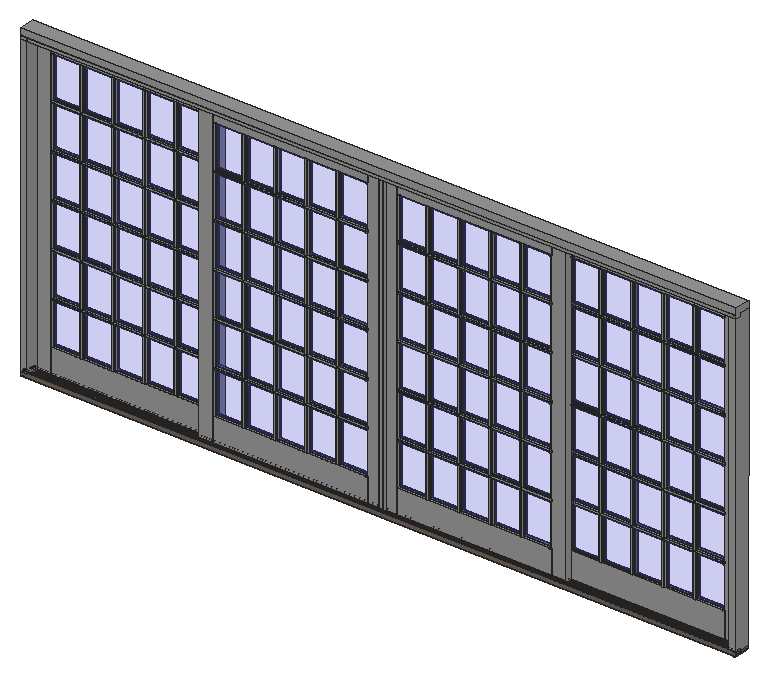
Revit family "VSDA4.8SPCO", category Doors, host Wall, Revit 2015
Parameters (values of type "VSDA4.8SPCO")
  Function = Interior
  Frame Projection Ext. = 25 mm
  Frame Projection Int. = 25 mm
  Frame Width = 75 mm
  Height = 2100 mm
  Wall Closure = By host
  Width = 4810 mm
Reference planes
  plane 1: y = 0
  plane 2 "Center (Left/Right)": x = 0
  plane 3 "Left": x = -2405
  plane 4 "Right": x = 2405
  plane 5: z = 2100
  plane 6 "Exterior": y = 75
  plane 7 "Interior": y = -75
Forms (mm)
  Extrusion 1, solid, material "Aluminium Cill (Bronze)"
    sketch origin (0, 79.18, -119.746) x (0, 1, 0) y (0, 0, 1)
      loop
        line (-26.68, 120.746) -> (-26.68, 135.746)
        arc (-26.68, 135.746) -> (-27.558, 137.867) -> (-29.68, 138.746) r 3
        line (-29.68, 138.746) -> (-40.947, 138.746)
        arc (-40.947, 138.746) -> (-42.68, 137.746) -> (-44.412, 138.746) r 2
        line (-44.412, 138.746) -> (-48.947, 138.746)
        arc (-48.947, 138.746) -> (-50.68, 137.746) -> (-52.412, 138.746) r 2
        line (-52.412, 138.746) -> (-56.947, 138.746)
        arc (-56.947, 138.746) -> (-58.68, 137.746) -> (-60.412, 138.746) r 2
        line (-60.412, 138.746) -> (-67.18, 138.746) -> (-67.18, 135.246)
        arc (-67.18, 135.246) -> (-67.619, 134.185) -> (-68.68, 133.746) r 1.5
        line (-68.68, 133.746) -> (-73.43, 133.746) -> (-73.43, 135.746) -> (-71.996, 135.746)
        arc (-71.996, 135.746) -> (-74.68, 138.746) -> (-77.363, 135.746) r 2.7
        line (-77.363, 135.746) -> (-75.93, 135.746) -> (-75.93, 133.746) -> (-80.68, 133.746)
        arc (-80.68, 133.746) -> (-81.74, 134.185) -> (-82.18, 135.246) r 1.5
        line (-82.18, 135.246) -> (-82.18, 138.746) -> (-90.432, 138.746) -> (-98.68, 138.746) -> (-98.68, 143.746)
        arc (-98.68, 143.746) -> (-99.18, 144.246) -> (-99.68, 143.746) r 0.5
        line (-99.68, 143.746) -> (-99.68, 142.734) -> (-100.88, 142.734) -> (-100.88, 150.246) -> (-99.68, 150.246) -> (-99.68, 149.246)
        arc (-99.68, 149.246) -> (-99.18, 148.746) -> (-98.68, 149.246) r 0.5
        line (-98.68, 149.246) -> (-98.68, 150.746)
        arc (-98.68, 150.746) -> (-98.972, 151.453) -> (-99.68, 151.746) r 1
        line (-99.68, 151.746) -> (-109.447, 151.746)
        arc (-109.447, 151.746) -> (-111.18, 150.746) -> (-112.912, 151.746) r 2
        line (-112.912, 151.746) -> (-117.447, 151.746)
        arc (-117.447, 151.746) -> (-119.18, 150.746) -> (-120.912, 151.746) r 2
        line (-120.912, 151.746) -> (-130.68, 151.746)
        arc (-130.68, 151.746) -> (-131.387, 151.453) -> (-131.68, 150.746) r 1
        line (-131.68, 150.746) -> (-131.68, 120.746)
        arc (-131.68, 120.746) -> (-131.387, 120.039) -> (-130.68, 119.746) r 1
        line (-130.68, 119.746) -> (-27.68, 119.746)
        arc (-27.68, 119.746) -> (-26.972, 120.039) -> (-26.68, 120.746) r 1
      loop
        line (-29.68, 137.246) -> (-40.23, 137.246)
        arc (-40.23, 137.246) -> (-42.68, 136.246) -> (-45.129, 137.246) r 3.5
        line (-45.129, 137.246) -> (-48.23, 137.246)
        arc (-48.23, 137.246) -> (-50.68, 136.246) -> (-53.129, 137.246) r 3.5
        line (-53.129, 137.246) -> (-56.23, 137.246)
        arc (-56.23, 137.246) -> (-58.68, 136.246) -> (-61.129, 137.246) r 3.5
        line (-61.129, 137.246) -> (-65.68, 137.246) -> (-65.68, 135.246)
        arc (-65.68, 135.246) -> (-66.558, 133.125) -> (-68.68, 132.246) r 3
        line (-68.68, 132.246) -> (-73.93, 132.246) -> (-73.93, 121.246) -> (-28.18, 121.246) -> (-28.18, 135.746)
        arc (-28.18, 135.746) -> (-28.619, 136.807) -> (-29.68, 137.246) r 1.5
      loop
        line (-75.43, 132.246) -> (-80.68, 132.246)
        arc (-80.68, 132.246) -> (-82.801, 133.125) -> (-83.68, 135.246) r 3
        line (-83.68, 135.246) -> (-83.68, 137.246) -> (-98.68, 137.246) -> (-98.68, 121.246) -> (-75.43, 121.246) -> (-75.43, 132.246)
      loop
        line (-100.18, 121.246) -> (-100.18, 141.246) -> (-102.38, 141.246) -> (-102.38, 150.246) -> (-108.73, 150.246)
        arc (-108.73, 150.246) -> (-111.18, 149.246) -> (-113.629, 150.246) r 3.5
        line (-113.629, 150.246) -> (-116.73, 150.246)
        arc (-116.73, 150.246) -> (-119.18, 149.246) -> (-121.629, 150.246) r 3.5
        line (-121.629, 150.246) -> (-130.18, 150.246) -> (-130.18, 121.246) -> (-100.18, 121.246)
    from -2405 to 2405
  Extrusion 2, solid, material "Lauan, Meranti"
    sketch origin (0, 0, 0) x (0, 1, 0) y (0, 0, 1)
      loop
        line (52.5, 2100) -> (-52.5, 2100) -> (-52.5, 2055) -> (-49.5, 2055) -> (-49.5, 2052) -> (-52.5, 2052) -> (-52.5, 2035) -> (-20.5, 2035) -> (-20.5, 2038.5) -> (-27.5, 2038.5) -> (-27.5, 2041.5) -> (-20.5, 2041.5) -> (-20.5, 2055) -> (32.5, 2055) -> (32.5, 2057) -> (52.5, 2057) -> (52.5, 2100)
    from -2405 to 2405
  Extrusion 3, solid, material "Lauan, Meranti"
    sketch origin (0, 0, 0) x (1, 0, 0) y (0, 1, 0)
      loop
        line (-2405, 52.5) -> (-2405, -52.5) -> (-2360, -52.5) -> (-2360, 52.5) -> (-2405, 52.5)
      loop
        line (2405, 52.5) -> (2360, 52.5) -> (2360, -52.5) -> (2405, -52.5) -> (2405, 52.5)
    from 32 to 2057
  Extrusion 4, solid, material "Lauan, Meranti"
    sketch origin (0, 0, 0) x (1, 0, 0) y (0, 1, 0)
      loop
        line (-2405, 52.5) -> (-2405, -19.5) -> (-2360, -19.5) -> (-2360, 52.5) -> (-2405, 52.5)
      loop
        line (2405, 52.5) -> (2360, 52.5) -> (2360, -19.5) -> (2405, -19.5) -> (2405, 52.5)
    from 19 to 32
  Extrusion 5, solid, material "Lauan, Meranti"
    sketch origin (550, 0, 0) x (0, 1, 0) y (0, 0, 1)
      loop
        line (52.5, 2054) -> (49.5, 2054) -> (49.5, 2057) -> (32.5, 2057) -> (32.5, 2041.5) -> (39.5, 2041.5) -> (39.5, 2038.5) -> (32.5, 2038.5) -> (32.5, 2035) -> (52.5, 2035) -> (52.5, 2054)
    from -1678.5 to 578.5
  Extrusion 6, solid, material "Lauan, Meranti"
    sketch origin (0, 0, 0) x (1, 0, 0) y (0, 1, 0)
      loop
        line (2264, 31) -> (2360, 31) -> (2360, 71) -> (2264, 71) -> (2264, 41) -> (2255, 41) -> (2255, 39) -> (2257, 39)
        arc (2257, 39) -> (2259.265, 34.56) -> (2264, 33) r 6.549
        line (2264, 33) -> (2264, 31)
      loop
        line (98, -15.5) -> (98, -13.5)
        arc (98, -13.5) -> (102.735, -11.94) -> (105, -7.5) r 6.549
        line (105, -7.5) -> (107, -7.5) -> (107, -5.5) -> (98, -5.5) -> (98, 24.5) -> (2, 24.5) -> (2, -15.5) -> (98, -15.5)
      loop
        line (-2264, 31) -> (-2264, 33)
        arc (-2264, 33) -> (-2259.265, 34.56) -> (-2257, 39) r 6.549
        line (-2257, 39) -> (-2255, 39) -> (-2255, 41) -> (-2264, 41) -> (-2264, 71) -> (-2360, 71) -> (-2360, 31) -> (-2264, 31)
      loop
        line (-98, -15.5) -> (-2, -15.5) -> (-2, 24.5) -> (-98, 24.5) -> (-98, -5.5) -> (-107, -5.5) -> (-107, -7.5) -> (-105, -7.5)
        arc (-105, -7.5) -> (-102.735, -11.94) -> (-98, -13.5) r 6.549
        line (-98, -13.5) -> (-98, -15.5)
      loop
        line (-1137.5, -15.5) -> (-1137.5, -13.5)
        arc (-1137.5, -13.5) -> (-1132.765, -11.94) -> (-1130.5, -7.5) r 6.549
        line (-1130.5, -7.5) -> (-1128.5, -7.5) -> (-1128.5, -5.5) -> (-1137.5, -5.5) -> (-1137.5, 24.5) -> (-1233.5, 24.5) -> (-1233.5, -15.5) -> (-1137.5, -15.5)
      loop
        line (-1224.5, 31) -> (-1128.5, 31) -> (-1128.5, 71) -> (-1224.5, 71) -> (-1224.5, 41) -> (-1233.5, 41) -> (-1233.5, 39) -> (-1231.5, 39)
        arc (-1231.5, 39) -> (-1229.235, 34.56) -> (-1224.5, 33) r 6.549
        line (-1224.5, 33) -> (-1224.5, 31)
      loop
        line (1137.5, -15.5) -> (1233.5, -15.5) -> (1233.5, 24.5) -> (1137.5, 24.5) -> (1137.5, -5.5) -> (1128.5, -5.5) -> (1128.5, -7.5) -> (1130.5, -7.5)
        arc (1130.5, -7.5) -> (1132.765, -11.94) -> (1137.5, -13.5) r 6.549
        line (1137.5, -13.5) -> (1137.5, -15.5)
      loop
        line (1224.5, 31) -> (1224.5, 33)
        arc (1224.5, 33) -> (1229.235, 34.56) -> (1231.5, 39) r 6.549
        line (1231.5, 39) -> (1233.5, 39) -> (1233.5, 41) -> (1224.5, 41) -> (1224.5, 71) -> (1128.5, 71) -> (1128.5, 31) -> (1224.5, 31)
    from 19 to 2055
  Extrusion 7, solid, material "Lauan, Meranti"
    sketch origin (4059.03, 0, -20) x (1, 0, 0) y (0, 1, 0)
      loop
        line (-4071.03, -25.5) -> (-4047.03, -25.5) -> (-4047.03, -23.5)
        arc (-4047.03, -23.5) -> (-4041.373, -21.157) -> (-4039.03, -15.5) r 8
        line (-4039.03, -15.5) -> (-4079.03, -15.5)
        arc (-4079.03, -15.5) -> (-4076.687, -21.157) -> (-4071.03, -23.5) r 8
        line (-4071.03, -23.5) -> (-4071.03, -25.5)
      loop
        line (-4071.03, 34.5) -> (-4071.03, 32.5)
        arc (-4071.03, 32.5) -> (-4076.687, 30.157) -> (-4079.03, 24.5) r 8
        line (-4079.03, 24.5) -> (-4039.03, 24.5)
        arc (-4039.03, 24.5) -> (-4041.373, 30.157) -> (-4047.03, 32.5) r 8
        line (-4047.03, 32.5) -> (-4047.03, 34.5) -> (-4071.03, 34.5)
    from 39 to 2055
  Extrusion 8, solid, material "Lauan, Meranti"
    sketch origin (-2515, 46.5, 0) x (0, 1, 0) y (0, 0, -1)
      loop
        line (-15.5, -190) -> (-13.5, -190)
        arc (-13.5, -190) -> (-11.866, -194.67) -> (-7.5, -197) r 6.807
        line (-7.5, -197) -> (-7.5, -199) -> (-5.5, -199) -> (-5.5, -190) -> (24.5, -190) -> (24.5, -19) -> (-15.5, -19) -> (-15.5, -190)
      loop
        arc (-7.5, -1952) -> (-11.866, -1954.33) -> (-13.5, -1959) r 6.807
        line (-13.5, -1959) -> (-15.5, -1959) -> (-15.5, -2055) -> (24.5, -2055) -> (24.5, -1959) -> (-5.5, -1959) -> (-5.5, -1950) -> (-7.5, -1950) -> (-7.5, -1952)
      loop
        line (-15.5, -1675) -> (-13.5, -1675)
        arc (-13.5, -1675) -> (-11.866, -1679.67) -> (-7.5, -1682) r 6.807
        line (-7.5, -1682) -> (-7.5, -1684) -> (-5.5, -1684) -> (-5.5, -1675) -> (24.5, -1675) -> (24.5, -1662) -> (-5.5, -1662) -> (-5.5, -1653) -> (-7.5, -1653) -> (-7.5, -1655)
        arc (-7.5, -1655) -> (-11.866, -1657.33) -> (-13.5, -1662) r 6.807
        line (-13.5, -1662) -> (-15.5, -1662) -> (-15.5, -1675)
      loop
        line (-15.5, -1378) -> (-13.5, -1378)
        arc (-13.5, -1378) -> (-11.866, -1382.67) -> (-7.5, -1385) r 6.807
        line (-7.5, -1385) -> (-7.5, -1387) -> (-5.5, -1387) -> (-5.5, -1378) -> (24.5, -1378) -> (24.5, -1365) -> (-5.5, -1365) -> (-5.5, -1356) -> (-7.5, -1356) -> (-7.5, -1358)
        arc (-7.5, -1358) -> (-11.866, -1360.33) -> (-13.5, -1365) r 6.807
        line (-13.5, -1365) -> (-15.5, -1365) -> (-15.5, -1378)
      loop
        line (-15.5, -1081) -> (-13.5, -1081)
        arc (-13.5, -1081) -> (-11.866, -1085.67) -> (-7.5, -1088) r 6.807
        line (-7.5, -1088) -> (-7.5, -1090) -> (-5.5, -1090) -> (-5.5, -1081) -> (24.5, -1081) -> (24.5, -1068) -> (-5.5, -1068) -> (-5.5, -1059) -> (-7.5, -1059) -> (-7.5, -1061)
        arc (-7.5, -1061) -> (-11.866, -1063.33) -> (-13.5, -1068) r 6.807
        line (-13.5, -1068) -> (-15.5, -1068) -> (-15.5, -1081)
      loop
        line (-15.5, -784) -> (-13.5, -784)
        arc (-13.5, -784) -> (-11.866, -788.67) -> (-7.5, -791) r 6.807
        line (-7.5, -791) -> (-7.5, -793) -> (-5.5, -793) -> (-5.5, -784) -> (24.5, -784) -> (24.5, -771) -> (-5.5, -771) -> (-5.5, -762) -> (-7.5, -762) -> (-7.5, -764)
        arc (-7.5, -764) -> (-11.866, -766.33) -> (-13.5, -771) r 6.807
        line (-13.5, -771) -> (-15.5, -771) -> (-15.5, -784)
      loop
        line (-15.5, -487) -> (-13.5, -487)
        arc (-13.5, -487) -> (-11.866, -491.67) -> (-7.5, -494) r 6.807
        line (-7.5, -494) -> (-7.5, -496) -> (-5.5, -496) -> (-5.5, -487) -> (24.5, -487) -> (24.5, -474) -> (-5.5, -474) -> (-5.5, -465) -> (-7.5, -465) -> (-7.5, -467)
        arc (-7.5, -467) -> (-11.866, -469.33) -> (-13.5, -474) r 6.807
        line (-13.5, -474) -> (-15.5, -474) -> (-15.5, -487)
    from -1290.5 to -251
  Sweep 9, solid, material "Lauan, Meranti"
    path origin (-1750.605, -75, -781.763) x (-1, 0, 0) y (0, 0, -1)
      loop
        line (315.895, -2740.763) -> (513.395, -2740.763) -> (513.395, -2456.763) -> (315.895, -2456.763) -> (315.895, -2740.763)
    profile origin (-2165.25, -75, 1959) x (0, 0, -1) y (0, -1, 0)
      loop
        line (9, -124.5) -> (0, -124.5) -> (0, -132.5)
        arc (0, -132.5) -> (4.67, -130.866) -> (7, -126.5) r 6.807
        line (7, -126.5) -> (9, -126.5) -> (9, -124.5)
  Extrusion 10, solid, material "Lauan, Meranti"
    sketch origin (-1495, 0, 0) x (-1, 0, 0) y (0, -1, 0)
      loop
        line (-73, -31) -> (-73, -33)
        arc (-73, -33) -> (-77.67, -34.634) -> (-80, -39) r 6.807
        line (-80, -39) -> (-82, -39) -> (-82, -41) -> (-73, -41) -> (-73, -71) -> (-60, -71) -> (-60, -41) -> (-51, -41) -> (-51, -39) -> (-53, -39)
        arc (-53, -39) -> (-55.33, -34.634) -> (-60, -33) r 6.807
        line (-60, -33) -> (-60, -31) -> (-73, -31)
      loop
        line (137.5, -31) -> (137.5, -33)
        arc (137.5, -33) -> (132.83, -34.634) -> (130.5, -39) r 6.807
        line (130.5, -39) -> (128.5, -39) -> (128.5, -41) -> (137.5, -41) -> (137.5, -71) -> (150.5, -71) -> (150.5, -41) -> (159.5, -41) -> (159.5, -39) -> (157.5, -39)
        arc (157.5, -39) -> (155.17, -34.634) -> (150.5, -33) r 6.807
        line (150.5, -33) -> (150.5, -31) -> (137.5, -31)
      loop
        line (348, -31) -> (348, -33)
        arc (348, -33) -> (343.33, -34.634) -> (341, -39) r 6.807
        line (341, -39) -> (339, -39) -> (339, -41) -> (348, -41) -> (348, -71) -> (361, -71) -> (361, -41) -> (370, -41) -> (370, -39) -> (368, -39)
        arc (368, -39) -> (365.67, -34.634) -> (361, -33) r 6.807
        line (361, -33) -> (361, -31) -> (348, -31)
      loop
        line (558.5, -31) -> (558.5, -33)
        arc (558.5, -33) -> (553.83, -34.634) -> (551.5, -39) r 6.807
        line (551.5, -39) -> (549.5, -39) -> (549.5, -41) -> (558.5, -41) -> (558.5, -71) -> (571.5, -71) -> (571.5, -41) -> (580.5, -41) -> (580.5, -39) -> (578.5, -39)
        arc (578.5, -39) -> (576.17, -34.634) -> (571.5, -33) r 6.807
        line (571.5, -33) -> (571.5, -31) -> (558.5, -31)
    from 1675 to 1959
  Extrusion 11, solid, material "Glass"
    sketch origin (-1180, 48.434, 0) x (-1, 0, 0) y (0, 0, -1)
      loop
        line (44.5, -1959) -> (242, -1959) -> (242, -1675) -> (44.5, -1675) -> (44.5, -1959)
      loop
        line (255, -1959) -> (452.5, -1959) -> (452.5, -1675) -> (255, -1675) -> (255, -1959)
      loop
        line (465.5, -1959) -> (663, -1959) -> (663, -1675) -> (465.5, -1675) -> (465.5, -1959)
      loop
        line (676.01, -1958.989) -> (873.5, -1958.989) -> (873.5, -1675) -> (676.01, -1675) -> (676.01, -1958.989)
      loop
        line (886.5, -1959) -> (1083.99, -1959) -> (1083.99, -1675.011) -> (886.5, -1675.011) -> (886.5, -1959)
      loop
        line (44.5, -1662) -> (242, -1662) -> (242, -1378) -> (44.5, -1378) -> (44.5, -1662)
      loop
        line (255, -1662) -> (452.5, -1662) -> (452.5, -1378) -> (255, -1378) -> (255, -1662)
      loop
        line (465.5, -1662) -> (663, -1662) -> (663, -1378) -> (465.5, -1378) -> (465.5, -1662)
      loop
        line (676.01, -1661.989) -> (873.5, -1661.989) -> (873.5, -1378) -> (676.01, -1378) -> (676.01, -1661.989)
      loop
        line (886.5, -1662) -> (1083.99, -1662) -> (1083.99, -1378.011) -> (886.5, -1378.011) -> (886.5, -1662)
      loop
        line (44.5, -1365) -> (242, -1365) -> (242, -1081) -> (44.5, -1081) -> (44.5, -1365)
      loop
        line (255, -1365) -> (452.5, -1365) -> (452.5, -1081) -> (255, -1081) -> (255, -1365)
      loop
        line (465.5, -1365) -> (663, -1365) -> (663, -1081) -> (465.5, -1081) -> (465.5, -1365)
      loop
        line (676.01, -1364.989) -> (873.5, -1364.989) -> (873.5, -1081) -> (676.01, -1081) -> (676.01, -1364.989)
      loop
        line (886.5, -1365) -> (1083.99, -1365) -> (1083.99, -1081.011) -> (886.5, -1081.011) -> (886.5, -1365)
      loop
        line (44.5, -1068) -> (242, -1068) -> (242, -784) -> (44.5, -784) -> (44.5, -1068)
      loop
        line (255, -1068) -> (452.5, -1068) -> (452.5, -784) -> (255, -784) -> (255, -1068)
      loop
        line (465.5, -1068) -> (663, -1068) -> (663, -784) -> (465.5, -784) -> (465.5, -1068)
      loop
        line (676.01, -1067.989) -> (873.5, -1067.989) -> (873.5, -784) -> (676.01, -784) -> (676.01, -1067.989)
      loop
        line (886.5, -1068) -> (1083.99, -1068) -> (1083.99, -784.011) -> (886.5, -784.011) -> (886.5, -1068)
      loop
        line (44.5, -771) -> (242, -771) -> (242, -487) -> (44.5, -487) -> (44.5, -771)
      loop
        line (255, -771) -> (452.5, -771) -> (452.5, -487) -> (255, -487) -> (255, -771)
      loop
        line (465.5, -771) -> (663, -771) -> (663, -487) -> (465.5, -487) -> (465.5, -771)
      loop
        line (676.01, -770.989) -> (873.5, -770.989) -> (873.5, -487) -> (676.01, -487) -> (676.01, -770.989)
      loop
        line (886.5, -771) -> (1083.99, -771) -> (1083.99, -487.011) -> (886.5, -487.011) -> (886.5, -771)
      loop
        line (44.5, -474) -> (242, -474) -> (242, -190) -> (44.5, -190) -> (44.5, -474)
      loop
        line (255, -474) -> (452.5, -474) -> (452.5, -190) -> (255, -190) -> (255, -474)
      loop
        line (465.5, -474) -> (663, -474) -> (663, -190) -> (465.5, -190) -> (465.5, -474)
      loop
        line (676.01, -473.989) -> (873.5, -473.989) -> (873.5, -190) -> (676.01, -190) -> (676.01, -473.989)
      loop
        line (886.5, -474) -> (1083.99, -474) -> (1083.99, -190.011) -> (886.5, -190.011) -> (886.5, -474)
    from 0 to 6.4
  Sweep 12, solid, material "Lauan, Meranti"
    path origin (-1540.105, -75, -781.763) x (-1, 0, 0) y (0, 0, -1)
      loop
        line (315.895, -2740.763) -> (513.395, -2740.763) -> (513.395, -2456.763) -> (315.895, -2456.763) -> (315.895, -2740.763)
    profile origin (-1954.75, -75, 1959) x (0, 0, -1) y (0, -1, 0)
      loop
        line (9, -124.5) -> (0, -124.5) -> (0, -132.5)
        arc (0, -132.5) -> (4.67, -130.866) -> (7, -126.5) r 6.807
        line (7, -126.5) -> (9, -126.5) -> (9, -124.5)
  Sweep 13, solid, material "Lauan, Meranti"
    path origin (-1329.605, -75, -781.763) x (-1, 0, 0) y (0, 0, -1)
      loop
        line (315.895, -2740.763) -> (513.395, -2740.763) -> (513.395, -2456.763) -> (315.895, -2456.763) -> (315.895, -2740.763)
    profile origin (-1744.25, -75, 1959) x (0, 0, -1) y (0, -1, 0)
      loop
        line (9, -124.5) -> (0, -124.5) -> (0, -132.5)
        arc (0, -132.5) -> (4.67, -130.866) -> (7, -126.5) r 6.807
        line (7, -126.5) -> (9, -126.5) -> (9, -124.5)
  Sweep 14, solid, material "Lauan, Meranti"
    path origin (-1119.105, -75, -781.763) x (-1, 0, 0) y (0, 0, -1)
      loop
        line (315.895, -2740.763) -> (513.395, -2740.763) -> (513.395, -2456.763) -> (315.895, -2456.763) -> (315.895, -2740.763)
    profile origin (-1533.75, -75, 1959) x (0, 0, -1) y (0, -1, 0)
      loop
        line (9, -124.5) -> (0, -124.5) -> (0, -132.5)
        arc (0, -132.5) -> (4.67, -130.866) -> (7, -126.5) r 6.807
        line (7, -126.5) -> (9, -126.5) -> (9, -124.5)
  Sweep 15, solid, material "Lauan, Meranti"
    path origin (-908.605, -75, -781.763) x (-1, 0, 0) y (0, 0, -1)
      loop
        line (315.895, -2740.763) -> (513.395, -2740.763) -> (513.395, -2456.763) -> (315.895, -2456.763) -> (315.895, -2740.763)
    profile origin (-1323.25, -75, 1959) x (0, 0, -1) y (0, -1, 0)
      loop
        line (9, -124.5) -> (0, -124.5) -> (0, -132.5)
        arc (0, -132.5) -> (4.67, -130.866) -> (7, -126.5) r 6.807
        line (7, -126.5) -> (9, -126.5) -> (9, -124.5)
  Sweep 16, solid, material "Lauan, Meranti"
    path origin (-1750.605, -75, -1078.763) x (-1, 0, 0) y (0, 0, -1)
      loop
        line (315.895, -2740.763) -> (513.395, -2740.763) -> (513.395, -2456.763) -> (315.895, -2456.763) -> (315.895, -2740.763)
    profile origin (-2165.25, -75, 1662) x (0, 0, -1) y (0, -1, 0)
      loop
        line (9, -124.5) -> (0, -124.5) -> (0, -132.5)
        arc (0, -132.5) -> (4.67, -130.866) -> (7, -126.5) r 6.807
        line (7, -126.5) -> (9, -126.5) -> (9, -124.5)
  Extrusion 17, solid, material "Lauan, Meranti"
    sketch origin (-1495, 0, -297) x (-1, 0, 0) y (0, -1, 0)
      loop
        line (-73, -31) -> (-73, -33)
        arc (-73, -33) -> (-77.67, -34.634) -> (-80, -39) r 6.807
        line (-80, -39) -> (-82, -39) -> (-82, -41) -> (-73, -41) -> (-73, -71) -> (-60, -71) -> (-60, -41) -> (-51, -41) -> (-51, -39) -> (-53, -39)
        arc (-53, -39) -> (-55.33, -34.634) -> (-60, -33) r 6.807
        line (-60, -33) -> (-60, -31) -> (-73, -31)
      loop
        line (137.5, -31) -> (137.5, -33)
        arc (137.5, -33) -> (132.83, -34.634) -> (130.5, -39) r 6.807
        line (130.5, -39) -> (128.5, -39) -> (128.5, -41) -> (137.5, -41) -> (137.5, -71) -> (150.5, -71) -> (150.5, -41) -> (159.5, -41) -> (159.5, -39) -> (157.5, -39)
        arc (157.5, -39) -> (155.17, -34.634) -> (150.5, -33) r 6.807
        line (150.5, -33) -> (150.5, -31) -> (137.5, -31)
      loop
        line (348, -31) -> (348, -33)
        arc (348, -33) -> (343.33, -34.634) -> (341, -39) r 6.807
        line (341, -39) -> (339, -39) -> (339, -41) -> (348, -41) -> (348, -71) -> (361, -71) -> (361, -41) -> (370, -41) -> (370, -39) -> (368, -39)
        arc (368, -39) -> (365.67, -34.634) -> (361, -33) r 6.807
        line (361, -33) -> (361, -31) -> (348, -31)
      loop
        line (558.5, -31) -> (558.5, -33)
        arc (558.5, -33) -> (553.83, -34.634) -> (551.5, -39) r 6.807
        line (551.5, -39) -> (549.5, -39) -> (549.5, -41) -> (558.5, -41) -> (558.5, -71) -> (571.5, -71) -> (571.5, -41) -> (580.5, -41) -> (580.5, -39) -> (578.5, -39)
        arc (578.5, -39) -> (576.17, -34.634) -> (571.5, -33) r 6.807
        line (571.5, -33) -> (571.5, -31) -> (558.5, -31)
    from 1675 to 1959
  Sweep 18, solid, material "Lauan, Meranti"
    path origin (-1540.105, -75, -1078.763) x (-1, 0, 0) y (0, 0, -1)
      loop
        line (315.895, -2740.763) -> (513.395, -2740.763) -> (513.395, -2456.763) -> (315.895, -2456.763) -> (315.895, -2740.763)
    profile origin (-1954.75, -75, 1662) x (0, 0, -1) y (0, -1, 0)
      loop
        line (9, -124.5) -> (0, -124.5) -> (0, -132.5)
        arc (0, -132.5) -> (4.67, -130.866) -> (7, -126.5) r 6.807
        line (7, -126.5) -> (9, -126.5) -> (9, -124.5)
  Sweep 19, solid, material "Lauan, Meranti"
    path origin (-1329.605, -75, -1078.763) x (-1, 0, 0) y (0, 0, -1)
      loop
        line (315.895, -2740.763) -> (513.395, -2740.763) -> (513.395, -2456.763) -> (315.895, -2456.763) -> (315.895, -2740.763)
    profile origin (-1744.25, -75, 1662) x (0, 0, -1) y (0, -1, 0)
      loop
        line (9, -124.5) -> (0, -124.5) -> (0, -132.5)
        arc (0, -132.5) -> (4.67, -130.866) -> (7, -126.5) r 6.807
        line (7, -126.5) -> (9, -126.5) -> (9, -124.5)
  Sweep 20, solid, material "Lauan, Meranti"
    path origin (-1119.105, -75, -1078.763) x (-1, 0, 0) y (0, 0, -1)
      loop
        line (315.895, -2740.763) -> (513.395, -2740.763) -> (513.395, -2456.763) -> (315.895, -2456.763) -> (315.895, -2740.763)
    profile origin (-1533.75, -75, 1662) x (0, 0, -1) y (0, -1, 0)
      loop
        line (9, -124.5) -> (0, -124.5) -> (0, -132.5)
        arc (0, -132.5) -> (4.67, -130.866) -> (7, -126.5) r 6.807
        line (7, -126.5) -> (9, -126.5) -> (9, -124.5)
  Sweep 21, solid, material "Lauan, Meranti"
    path origin (-908.605, -75, -1078.763) x (-1, 0, 0) y (0, 0, -1)
      loop
        line (315.895, -2740.763) -> (513.395, -2740.763) -> (513.395, -2456.763) -> (315.895, -2456.763) -> (315.895, -2740.763)
    profile origin (-1323.25, -75, 1662) x (0, 0, -1) y (0, -1, 0)
      loop
        line (9, -124.5) -> (0, -124.5) -> (0, -132.5)
        arc (0, -132.5) -> (4.67, -130.866) -> (7, -126.5) r 6.807
        line (7, -126.5) -> (9, -126.5) -> (9, -124.5)
  Sweep 22, solid, material "Lauan, Meranti"
    path origin (-1750.605, -75, -1375.763) x (-1, 0, 0) y (0, 0, -1)
      loop
        line (315.895, -2740.763) -> (513.395, -2740.763) -> (513.395, -2456.763) -> (315.895, -2456.763) -> (315.895, -2740.763)
    profile origin (-2165.25, -75, 1365) x (0, 0, -1) y (0, -1, 0)
      loop
        line (9, -124.5) -> (0, -124.5) -> (0, -132.5)
        arc (0, -132.5) -> (4.67, -130.866) -> (7, -126.5) r 6.807
        line (7, -126.5) -> (9, -126.5) -> (9, -124.5)
  Extrusion 23, solid, material "Lauan, Meranti"
    sketch origin (-1495, 0, -594) x (-1, 0, 0) y (0, -1, 0)
      loop
        line (-73, -31) -> (-73, -33)
        arc (-73, -33) -> (-77.67, -34.634) -> (-80, -39) r 6.807
        line (-80, -39) -> (-82, -39) -> (-82, -41) -> (-73, -41) -> (-73, -71) -> (-60, -71) -> (-60, -41) -> (-51, -41) -> (-51, -39) -> (-53, -39)
        arc (-53, -39) -> (-55.33, -34.634) -> (-60, -33) r 6.807
        line (-60, -33) -> (-60, -31) -> (-73, -31)
      loop
        line (137.5, -31) -> (137.5, -33)
        arc (137.5, -33) -> (132.83, -34.634) -> (130.5, -39) r 6.807
        line (130.5, -39) -> (128.5, -39) -> (128.5, -41) -> (137.5, -41) -> (137.5, -71) -> (150.5, -71) -> (150.5, -41) -> (159.5, -41) -> (159.5, -39) -> (157.5, -39)
        arc (157.5, -39) -> (155.17, -34.634) -> (150.5, -33) r 6.807
        line (150.5, -33) -> (150.5, -31) -> (137.5, -31)
      loop
        line (348, -31) -> (348, -33)
        arc (348, -33) -> (343.33, -34.634) -> (341, -39) r 6.807
        line (341, -39) -> (339, -39) -> (339, -41) -> (348, -41) -> (348, -71) -> (361, -71) -> (361, -41) -> (370, -41) -> (370, -39) -> (368, -39)
        arc (368, -39) -> (365.67, -34.634) -> (361, -33) r 6.807
        line (361, -33) -> (361, -31) -> (348, -31)
      loop
        line (558.5, -31) -> (558.5, -33)
        arc (558.5, -33) -> (553.83, -34.634) -> (551.5, -39) r 6.807
        line (551.5, -39) -> (549.5, -39) -> (549.5, -41) -> (558.5, -41) -> (558.5, -71) -> (571.5, -71) -> (571.5, -41) -> (580.5, -41) -> (580.5, -39) -> (578.5, -39)
        arc (578.5, -39) -> (576.17, -34.634) -> (571.5, -33) r 6.807
        line (571.5, -33) -> (571.5, -31) -> (558.5, -31)
    from 1675 to 1959
  Sweep 24, solid, material "Lauan, Meranti"
    path origin (-1540.105, -75, -1375.763) x (-1, 0, 0) y (0, 0, -1)
      loop
        line (315.895, -2740.763) -> (513.395, -2740.763) -> (513.395, -2456.763) -> (315.895, -2456.763) -> (315.895, -2740.763)
    profile origin (-1954.75, -75, 1365) x (0, 0, -1) y (0, -1, 0)
      loop
        line (9, -124.5) -> (0, -124.5) -> (0, -132.5)
        arc (0, -132.5) -> (4.67, -130.866) -> (7, -126.5) r 6.807
        line (7, -126.5) -> (9, -126.5) -> (9, -124.5)
  Sweep 25, solid, material "Lauan, Meranti"
    path origin (-1329.605, -75, -1375.763) x (-1, 0, 0) y (0, 0, -1)
      loop
        line (315.895, -2740.763) -> (513.395, -2740.763) -> (513.395, -2456.763) -> (315.895, -2456.763) -> (315.895, -2740.763)
    profile origin (-1744.25, -75, 1365) x (0, 0, -1) y (0, -1, 0)
      loop
        line (9, -124.5) -> (0, -124.5) -> (0, -132.5)
        arc (0, -132.5) -> (4.67, -130.866) -> (7, -126.5) r 6.807
        line (7, -126.5) -> (9, -126.5) -> (9, -124.5)
  Sweep 26, solid, material "Lauan, Meranti"
    path origin (-1119.105, -75, -1375.763) x (-1, 0, 0) y (0, 0, -1)
      loop
        line (315.895, -2740.763) -> (513.395, -2740.763) -> (513.395, -2456.763) -> (315.895, -2456.763) -> (315.895, -2740.763)
    profile origin (-1533.75, -75, 1365) x (0, 0, -1) y (0, -1, 0)
      loop
        line (9, -124.5) -> (0, -124.5) -> (0, -132.5)
        arc (0, -132.5) -> (4.67, -130.866) -> (7, -126.5) r 6.807
        line (7, -126.5) -> (9, -126.5) -> (9, -124.5)
  Sweep 27, solid, material "Lauan, Meranti"
    path origin (-908.605, -75, -1375.763) x (-1, 0, 0) y (0, 0, -1)
      loop
        line (315.895, -2740.763) -> (513.395, -2740.763) -> (513.395, -2456.763) -> (315.895, -2456.763) -> (315.895, -2740.763)
    profile origin (-1323.25, -75, 1365) x (0, 0, -1) y (0, -1, 0)
      loop
        line (9, -124.5) -> (0, -124.5) -> (0, -132.5)
        arc (0, -132.5) -> (4.67, -130.866) -> (7, -126.5) r 6.807
        line (7, -126.5) -> (9, -126.5) -> (9, -124.5)
  Sweep 28, solid, material "Lauan, Meranti"
    path origin (-1750.605, -75, -1672.763) x (-1, 0, 0) y (0, 0, -1)
      loop
        line (315.895, -2740.763) -> (513.395, -2740.763) -> (513.395, -2456.763) -> (315.895, -2456.763) -> (315.895, -2740.763)
    profile origin (-2165.25, -75, 1068) x (0, 0, -1) y (0, -1, 0)
      loop
        line (9, -124.5) -> (0, -124.5) -> (0, -132.5)
        arc (0, -132.5) -> (4.67, -130.866) -> (7, -126.5) r 6.807
        line (7, -126.5) -> (9, -126.5) -> (9, -124.5)
  Extrusion 29, solid, material "Lauan, Meranti"
    sketch origin (-1495, 0, -891) x (-1, 0, 0) y (0, -1, 0)
      loop
        line (-73, -31) -> (-73, -33)
        arc (-73, -33) -> (-77.67, -34.634) -> (-80, -39) r 6.807
        line (-80, -39) -> (-82, -39) -> (-82, -41) -> (-73, -41) -> (-73, -71) -> (-60, -71) -> (-60, -41) -> (-51, -41) -> (-51, -39) -> (-53, -39)
        arc (-53, -39) -> (-55.33, -34.634) -> (-60, -33) r 6.807
        line (-60, -33) -> (-60, -31) -> (-73, -31)
      loop
        line (137.5, -31) -> (137.5, -33)
        arc (137.5, -33) -> (132.83, -34.634) -> (130.5, -39) r 6.807
        line (130.5, -39) -> (128.5, -39) -> (128.5, -41) -> (137.5, -41) -> (137.5, -71) -> (150.5, -71) -> (150.5, -41) -> (159.5, -41) -> (159.5, -39) -> (157.5, -39)
        arc (157.5, -39) -> (155.17, -34.634) -> (150.5, -33) r 6.807
        line (150.5, -33) -> (150.5, -31) -> (137.5, -31)
      loop
        line (348, -31) -> (348, -33)
        arc (348, -33) -> (343.33, -34.634) -> (341, -39) r 6.807
        line (341, -39) -> (339, -39) -> (339, -41) -> (348, -41) -> (348, -71) -> (361, -71) -> (361, -41) -> (370, -41) -> (370, -39) -> (368, -39)
        arc (368, -39) -> (365.67, -34.634) -> (361, -33) r 6.807
        line (361, -33) -> (361, -31) -> (348, -31)
      loop
        line (558.5, -31) -> (558.5, -33)
        arc (558.5, -33) -> (553.83, -34.634) -> (551.5, -39) r 6.807
        line (551.5, -39) -> (549.5, -39) -> (549.5, -41) -> (558.5, -41) -> (558.5, -71) -> (571.5, -71) -> (571.5, -41) -> (580.5, -41) -> (580.5, -39) -> (578.5, -39)
        arc (578.5, -39) -> (576.17, -34.634) -> (571.5, -33) r 6.807
        line (571.5, -33) -> (571.5, -31) -> (558.5, -31)
    from 1675 to 1959
  Sweep 30, solid, material "Lauan, Meranti"
    path origin (-1540.105, -75, -1672.763) x (-1, 0, 0) y (0, 0, -1)
      loop
        line (315.895, -2740.763) -> (513.395, -2740.763) -> (513.395, -2456.763) -> (315.895, -2456.763) -> (315.895, -2740.763)
    profile origin (-1954.75, -75, 1068) x (0, 0, -1) y (0, -1, 0)
      loop
        line (9, -124.5) -> (0, -124.5) -> (0, -132.5)
        arc (0, -132.5) -> (4.67, -130.866) -> (7, -126.5) r 6.807
        line (7, -126.5) -> (9, -126.5) -> (9, -124.5)
  Sweep 31, solid, material "Lauan, Meranti"
    path origin (-1329.605, -75, -1672.763) x (-1, 0, 0) y (0, 0, -1)
      loop
        line (315.895, -2740.763) -> (513.395, -2740.763) -> (513.395, -2456.763) -> (315.895, -2456.763) -> (315.895, -2740.763)
    profile origin (-1744.25, -75, 1068) x (0, 0, -1) y (0, -1, 0)
      loop
        line (9, -124.5) -> (0, -124.5) -> (0, -132.5)
        arc (0, -132.5) -> (4.67, -130.866) -> (7, -126.5) r 6.807
        line (7, -126.5) -> (9, -126.5) -> (9, -124.5)
  Sweep 32, solid, material "Lauan, Meranti"
    path origin (-1119.105, -75, -1672.763) x (-1, 0, 0) y (0, 0, -1)
      loop
        line (315.895, -2740.763) -> (513.395, -2740.763) -> (513.395, -2456.763) -> (315.895, -2456.763) -> (315.895, -2740.763)
    profile origin (-1533.75, -75, 1068) x (0, 0, -1) y (0, -1, 0)
      loop
        line (9, -124.5) -> (0, -124.5) -> (0, -132.5)
        arc (0, -132.5) -> (4.67, -130.866) -> (7, -126.5) r 6.807
        line (7, -126.5) -> (9, -126.5) -> (9, -124.5)
  Sweep 33, solid, material "Lauan, Meranti"
    path origin (-908.605, -75, -1672.763) x (-1, 0, 0) y (0, 0, -1)
      loop
        line (315.895, -2740.763) -> (513.395, -2740.763) -> (513.395, -2456.763) -> (315.895, -2456.763) -> (315.895, -2740.763)
    profile origin (-1323.25, -75, 1068) x (0, 0, -1) y (0, -1, 0)
      loop
        line (9, -124.5) -> (0, -124.5) -> (0, -132.5)
        arc (0, -132.5) -> (4.67, -130.866) -> (7, -126.5) r 6.807
        line (7, -126.5) -> (9, -126.5) -> (9, -124.5)
  Sweep 34, solid, material "Lauan, Meranti"
    path origin (-1750.605, -75, -1969.763) x (-1, 0, 0) y (0, 0, -1)
      loop
        line (315.895, -2740.763) -> (513.395, -2740.763) -> (513.395, -2456.763) -> (315.895, -2456.763) -> (315.895, -2740.763)
    profile origin (-2165.25, -75, 771) x (0, 0, -1) y (0, -1, 0)
      loop
        line (9, -124.5) -> (0, -124.5) -> (0, -132.5)
        arc (0, -132.5) -> (4.67, -130.866) -> (7, -126.5) r 6.807
        line (7, -126.5) -> (9, -126.5) -> (9, -124.5)
  Extrusion 35, solid, material "Lauan, Meranti"
    sketch origin (-1495, 0, -1188) x (-1, 0, 0) y (0, -1, 0)
      loop
        line (-73, -31) -> (-73, -33)
        arc (-73, -33) -> (-77.67, -34.634) -> (-80, -39) r 6.807
        line (-80, -39) -> (-82, -39) -> (-82, -41) -> (-73, -41) -> (-73, -71) -> (-60, -71) -> (-60, -41) -> (-51, -41) -> (-51, -39) -> (-53, -39)
        arc (-53, -39) -> (-55.33, -34.634) -> (-60, -33) r 6.807
        line (-60, -33) -> (-60, -31) -> (-73, -31)
      loop
        line (137.5, -31) -> (137.5, -33)
        arc (137.5, -33) -> (132.83, -34.634) -> (130.5, -39) r 6.807
        line (130.5, -39) -> (128.5, -39) -> (128.5, -41) -> (137.5, -41) -> (137.5, -71) -> (150.5, -71) -> (150.5, -41) -> (159.5, -41) -> (159.5, -39) -> (157.5, -39)
        arc (157.5, -39) -> (155.17, -34.634) -> (150.5, -33) r 6.807
        line (150.5, -33) -> (150.5, -31) -> (137.5, -31)
      loop
        line (348, -31) -> (348, -33)
        arc (348, -33) -> (343.33, -34.634) -> (341, -39) r 6.807
        line (341, -39) -> (339, -39) -> (339, -41) -> (348, -41) -> (348, -71) -> (361, -71) -> (361, -41) -> (370, -41) -> (370, -39) -> (368, -39)
        arc (368, -39) -> (365.67, -34.634) -> (361, -33) r 6.807
        line (361, -33) -> (361, -31) -> (348, -31)
      loop
        line (558.5, -31) -> (558.5, -33)
        arc (558.5, -33) -> (553.83, -34.634) -> (551.5, -39) r 6.807
        line (551.5, -39) -> (549.5, -39) -> (549.5, -41) -> (558.5, -41) -> (558.5, -71) -> (571.5, -71) -> (571.5, -41) -> (580.5, -41) -> (580.5, -39) -> (578.5, -39)
        arc (578.5, -39) -> (576.17, -34.634) -> (571.5, -33) r 6.807
        line (571.5, -33) -> (571.5, -31) -> (558.5, -31)
    from 1675 to 1959
  Sweep 36, solid, material "Lauan, Meranti"
    path origin (-1540.105, -75, -1969.763) x (-1, 0, 0) y (0, 0, -1)
      loop
        line (315.895, -2740.763) -> (513.395, -2740.763) -> (513.395, -2456.763) -> (315.895, -2456.763) -> (315.895, -2740.763)
    profile origin (-1954.75, -75, 771) x (0, 0, -1) y (0, -1, 0)
      loop
        line (9, -124.5) -> (0, -124.5) -> (0, -132.5)
        arc (0, -132.5) -> (4.67, -130.866) -> (7, -126.5) r 6.807
        line (7, -126.5) -> (9, -126.5) -> (9, -124.5)
  Sweep 37, solid, material "Lauan, Meranti"
    path origin (-1329.605, -75, -1969.763) x (-1, 0, 0) y (0, 0, -1)
      loop
        line (315.895, -2740.763) -> (513.395, -2740.763) -> (513.395, -2456.763) -> (315.895, -2456.763) -> (315.895, -2740.763)
    profile origin (-1744.25, -75, 771) x (0, 0, -1) y (0, -1, 0)
      loop
        line (9, -124.5) -> (0, -124.5) -> (0, -132.5)
        arc (0, -132.5) -> (4.67, -130.866) -> (7, -126.5) r 6.807
        line (7, -126.5) -> (9, -126.5) -> (9, -124.5)
  Sweep 38, solid, material "Lauan, Meranti"
    path origin (-1119.105, -75, -1969.763) x (-1, 0, 0) y (0, 0, -1)
      loop
        line (315.895, -2740.763) -> (513.395, -2740.763) -> (513.395, -2456.763) -> (315.895, -2456.763) -> (315.895, -2740.763)
    profile origin (-1533.75, -75, 771) x (0, 0, -1) y (0, -1, 0)
      loop
        line (9, -124.5) -> (0, -124.5) -> (0, -132.5)
        arc (0, -132.5) -> (4.67, -130.866) -> (7, -126.5) r 6.807
        line (7, -126.5) -> (9, -126.5) -> (9, -124.5)
  Sweep 39, solid, material "Lauan, Meranti"
    path origin (-908.605, -75, -1969.763) x (-1, 0, 0) y (0, 0, -1)
      loop
        line (315.895, -2740.763) -> (513.395, -2740.763) -> (513.395, -2456.763) -> (315.895, -2456.763) -> (315.895, -2740.763)
    profile origin (-1323.25, -75, 771) x (0, 0, -1) y (0, -1, 0)
      loop
        line (9, -124.5) -> (0, -124.5) -> (0, -132.5)
        arc (0, -132.5) -> (4.67, -130.866) -> (7, -126.5) r 6.807
        line (7, -126.5) -> (9, -126.5) -> (9, -124.5)
  Sweep 40, solid, material "Lauan, Meranti"
    path origin (-1750.605, -75, -2266.763) x (-1, 0, 0) y (0, 0, -1)
      loop
        line (315.895, -2740.763) -> (513.395, -2740.763) -> (513.395, -2456.763) -> (315.895, -2456.763) -> (315.895, -2740.763)
    profile origin (-2165.25, -75, 474) x (0, 0, -1) y (0, -1, 0)
      loop
        line (9, -124.5) -> (0, -124.5) -> (0, -132.5)
        arc (0, -132.5) -> (4.67, -130.866) -> (7, -126.5) r 6.807
        line (7, -126.5) -> (9, -126.5) -> (9, -124.5)
  Extrusion 41, solid, material "Lauan, Meranti"
    sketch origin (-1495, 0, -1485) x (-1, 0, 0) y (0, -1, 0)
      loop
        line (-73, -31) -> (-73, -33)
        arc (-73, -33) -> (-77.67, -34.634) -> (-80, -39) r 6.807
        line (-80, -39) -> (-82, -39) -> (-82, -41) -> (-73, -41) -> (-73, -71) -> (-60, -71) -> (-60, -41) -> (-51, -41) -> (-51, -39) -> (-53, -39)
        arc (-53, -39) -> (-55.33, -34.634) -> (-60, -33) r 6.807
        line (-60, -33) -> (-60, -31) -> (-73, -31)
      loop
        line (137.5, -31) -> (137.5, -33)
        arc (137.5, -33) -> (132.83, -34.634) -> (130.5, -39) r 6.807
        line (130.5, -39) -> (128.5, -39) -> (128.5, -41) -> (137.5, -41) -> (137.5, -71) -> (150.5, -71) -> (150.5, -41) -> (159.5, -41) -> (159.5, -39) -> (157.5, -39)
        arc (157.5, -39) -> (155.17, -34.634) -> (150.5, -33) r 6.807
        line (150.5, -33) -> (150.5, -31) -> (137.5, -31)
      loop
        line (348, -31) -> (348, -33)
        arc (348, -33) -> (343.33, -34.634) -> (341, -39) r 6.807
        line (341, -39) -> (339, -39) -> (339, -41) -> (348, -41) -> (348, -71) -> (361, -71) -> (361, -41) -> (370, -41) -> (370, -39) -> (368, -39)
        arc (368, -39) -> (365.67, -34.634) -> (361, -33) r 6.807
        line (361, -33) -> (361, -31) -> (348, -31)
      loop
        line (558.5, -31) -> (558.5, -33)
        arc (558.5, -33) -> (553.83, -34.634) -> (551.5, -39) r 6.807
        line (551.5, -39) -> (549.5, -39) -> (549.5, -41) -> (558.5, -41) -> (558.5, -71) -> (571.5, -71) -> (571.5, -41) -> (580.5, -41) -> (580.5, -39) -> (578.5, -39)
        arc (578.5, -39) -> (576.17, -34.634) -> (571.5, -33) r 6.807
        line (571.5, -33) -> (571.5, -31) -> (558.5, -31)
    from 1675 to 1959
  Sweep 42, solid, material "Lauan, Meranti"
    path origin (-1540.105, -75, -2266.763) x (-1, 0, 0) y (0, 0, -1)
      loop
        line (315.895, -2740.763) -> (513.395, -2740.763) -> (513.395, -2456.763) -> (315.895, -2456.763) -> (315.895, -2740.763)
    profile origin (-1954.75, -75, 474) x (0, 0, -1) y (0, -1, 0)
      loop
        line (9, -124.5) -> (0, -124.5) -> (0, -132.5)
        arc (0, -132.5) -> (4.67, -130.866) -> (7, -126.5) r 6.807
        line (7, -126.5) -> (9, -126.5) -> (9, -124.5)
  Sweep 43, solid, material "Lauan, Meranti"
    path origin (-1329.605, -75, -2266.763) x (-1, 0, 0) y (0, 0, -1)
      loop
        line (315.895, -2740.763) -> (513.395, -2740.763) -> (513.395, -2456.763) -> (315.895, -2456.763) -> (315.895, -2740.763)
    profile origin (-1744.25, -75, 474) x (0, 0, -1) y (0, -1, 0)
      loop
        line (9, -124.5) -> (0, -124.5) -> (0, -132.5)
        arc (0, -132.5) -> (4.67, -130.866) -> (7, -126.5) r 6.807
        line (7, -126.5) -> (9, -126.5) -> (9, -124.5)
  Sweep 44, solid, material "Lauan, Meranti"
    path origin (-1119.105, -75, -2266.763) x (-1, 0, 0) y (0, 0, -1)
      loop
        line (315.895, -2740.763) -> (513.395, -2740.763) -> (513.395, -2456.763) -> (315.895, -2456.763) -> (315.895, -2740.763)
    profile origin (-1533.75, -75, 474) x (0, 0, -1) y (0, -1, 0)
      loop
        line (9, -124.5) -> (0, -124.5) -> (0, -132.5)
        arc (0, -132.5) -> (4.67, -130.866) -> (7, -126.5) r 6.807
        line (7, -126.5) -> (9, -126.5) -> (9, -124.5)
  Sweep 45, solid, material "Lauan, Meranti"
    path origin (-908.605, -75, -2266.763) x (-1, 0, 0) y (0, 0, -1)
      loop
        line (315.895, -2740.763) -> (513.395, -2740.763) -> (513.395, -2456.763) -> (315.895, -2456.763) -> (315.895, -2740.763)
    profile origin (-1323.25, -75, 474) x (0, 0, -1) y (0, -1, 0)
      loop
        line (9, -124.5) -> (0, -124.5) -> (0, -132.5)
        arc (0, -132.5) -> (4.67, -130.866) -> (7, -126.5) r 6.807
        line (7, -126.5) -> (9, -126.5) -> (9, -124.5)
  Extrusion 46, solid, material "Lauan, Meranti"
    sketch origin (-1388.5, 0, 0) x (0, 1, 0) y (0, 0, -1)
      loop
        line (-15.5, -190) -> (-13.5, -190)
        arc (-13.5, -190) -> (-11.866, -194.67) -> (-7.5, -197) r 6.807
        line (-7.5, -197) -> (-7.5, -199) -> (-5.5, -199) -> (-5.5, -190) -> (24.5, -190) -> (24.5, -19) -> (-15.5, -19) -> (-15.5, -190)
      loop
        arc (-7.5, -1952) -> (-11.866, -1954.33) -> (-13.5, -1959) r 6.807
        line (-13.5, -1959) -> (-15.5, -1959) -> (-15.5, -2055) -> (24.5, -2055) -> (24.5, -1959) -> (-5.5, -1959) -> (-5.5, -1950) -> (-7.5, -1950) -> (-7.5, -1952)
      loop
        line (-15.5, -1675) -> (-13.5, -1675)
        arc (-13.5, -1675) -> (-11.866, -1679.67) -> (-7.5, -1682) r 6.807
        line (-7.5, -1682) -> (-7.5, -1684) -> (-5.5, -1684) -> (-5.5, -1675) -> (24.5, -1675) -> (24.5, -1662) -> (-5.5, -1662) -> (-5.5, -1653) -> (-7.5, -1653) -> (-7.5, -1655)
        arc (-7.5, -1655) -> (-11.866, -1657.33) -> (-13.5, -1662) r 6.807
        line (-13.5, -1662) -> (-15.5, -1662) -> (-15.5, -1675)
      loop
        line (-15.5, -1378) -> (-13.5, -1378)
        arc (-13.5, -1378) -> (-11.866, -1382.67) -> (-7.5, -1385) r 6.807
        line (-7.5, -1385) -> (-7.5, -1387) -> (-5.5, -1387) -> (-5.5, -1378) -> (24.5, -1378) -> (24.5, -1365) -> (-5.5, -1365) -> (-5.5, -1356) -> (-7.5, -1356) -> (-7.5, -1358)
        arc (-7.5, -1358) -> (-11.866, -1360.33) -> (-13.5, -1365) r 6.807
        line (-13.5, -1365) -> (-15.5, -1365) -> (-15.5, -1378)
      loop
        line (-15.5, -1081) -> (-13.5, -1081)
        arc (-13.5, -1081) -> (-11.866, -1085.67) -> (-7.5, -1088) r 6.807
        line (-7.5, -1088) -> (-7.5, -1090) -> (-5.5, -1090) -> (-5.5, -1081) -> (24.5, -1081) -> (24.5, -1068) -> (-5.5, -1068) -> (-5.5, -1059) -> (-7.5, -1059) -> (-7.5, -1061)
        arc (-7.5, -1061) -> (-11.866, -1063.33) -> (-13.5, -1068) r 6.807
        line (-13.5, -1068) -> (-15.5, -1068) -> (-15.5, -1081)
      loop
        line (-15.5, -784) -> (-13.5, -784)
        arc (-13.5, -784) -> (-11.866, -788.67) -> (-7.5, -791) r 6.807
        line (-7.5, -791) -> (-7.5, -793) -> (-5.5, -793) -> (-5.5, -784) -> (24.5, -784) -> (24.5, -771) -> (-5.5, -771) -> (-5.5, -762) -> (-7.5, -762) -> (-7.5, -764)
        arc (-7.5, -764) -> (-11.866, -766.33) -> (-13.5, -771) r 6.807
        line (-13.5, -771) -> (-15.5, -771) -> (-15.5, -784)
      loop
        line (-15.5, -487) -> (-13.5, -487)
        arc (-13.5, -487) -> (-11.866, -491.67) -> (-7.5, -494) r 6.807
        line (-7.5, -494) -> (-7.5, -496) -> (-5.5, -496) -> (-5.5, -487) -> (24.5, -487) -> (24.5, -474) -> (-5.5, -474) -> (-5.5, -465) -> (-7.5, -465) -> (-7.5, -467)
        arc (-7.5, -467) -> (-11.866, -469.33) -> (-13.5, -474) r 6.807
        line (-13.5, -474) -> (-15.5, -474) -> (-15.5, -487)
    from -1290.5 to -251
  Sweep 47, solid, material "Lauan, Meranti"
    path origin (-624.105, -121.5, -781.763) x (-1, 0, 0) y (0, 0, -1)
      loop
        line (315.895, -2740.763) -> (513.395, -2740.763) -> (513.395, -2456.763) -> (315.895, -2456.763) -> (315.895, -2740.763)
    profile origin (-1038.75, -121.5, 1959) x (0, 0, -1) y (0, -1, 0)
      loop
        line (9, -124.5) -> (0, -124.5) -> (0, -132.5)
        arc (0, -132.5) -> (4.67, -130.866) -> (7, -126.5) r 6.807
        line (7, -126.5) -> (9, -126.5) -> (9, -124.5)
  Extrusion 48, solid, material "Lauan, Meranti"
    sketch origin (-368.5, -46.5, 0) x (-1, 0, 0) y (0, -1, 0)
      loop
        line (-73, -31) -> (-73, -33)
        arc (-73, -33) -> (-77.67, -34.634) -> (-80, -39) r 6.807
        line (-80, -39) -> (-82, -39) -> (-82, -41) -> (-73, -41) -> (-73, -71) -> (-60, -71) -> (-60, -41) -> (-51, -41) -> (-51, -39) -> (-53, -39)
        arc (-53, -39) -> (-55.33, -34.634) -> (-60, -33) r 6.807
        line (-60, -33) -> (-60, -31) -> (-73, -31)
      loop
        line (137.5, -31) -> (137.5, -33)
        arc (137.5, -33) -> (132.83, -34.634) -> (130.5, -39) r 6.807
        line (130.5, -39) -> (128.5, -39) -> (128.5, -41) -> (137.5, -41) -> (137.5, -71) -> (150.5, -71) -> (150.5, -41) -> (159.5, -41) -> (159.5, -39) -> (157.5, -39)
        arc (157.5, -39) -> (155.17, -34.634) -> (150.5, -33) r 6.807
        line (150.5, -33) -> (150.5, -31) -> (137.5, -31)
      loop
        line (348, -31) -> (348, -33)
        arc (348, -33) -> (343.33, -34.634) -> (341, -39) r 6.807
        line (341, -39) -> (339, -39) -> (339, -41) -> (348, -41) -> (348, -71) -> (361, -71) -> (361, -41) -> (370, -41) -> (370, -39) -> (368, -39)
        arc (368, -39) -> (365.67, -34.634) -> (361, -33) r 6.807
        line (361, -33) -> (361, -31) -> (348, -31)
      loop
        line (558.5, -31) -> (558.5, -33)
        arc (558.5, -33) -> (553.83, -34.634) -> (551.5, -39) r 6.807
        line (551.5, -39) -> (549.5, -39) -> (549.5, -41) -> (558.5, -41) -> (558.5, -71) -> (571.5, -71) -> (571.5, -41) -> (580.5, -41) -> (580.5, -39) -> (578.5, -39)
        arc (578.5, -39) -> (576.17, -34.634) -> (571.5, -33) r 6.807
        line (571.5, -33) -> (571.5, -31) -> (558.5, -31)
    from 1675 to 1959
  Extrusion 49, solid, material "Glass"
    sketch origin (-53.5, 1.934, 0) x (-1, 0, 0) y (0, 0, -1)
      loop
        line (44.5, -1959) -> (242, -1959) -> (242, -1675) -> (44.5, -1675) -> (44.5, -1959)
      loop
        line (255, -1959) -> (452.5, -1959) -> (452.5, -1675) -> (255, -1675) -> (255, -1959)
      loop
        line (465.5, -1959) -> (663, -1959) -> (663, -1675) -> (465.5, -1675) -> (465.5, -1959)
      loop
        line (676.01, -1958.989) -> (873.5, -1958.989) -> (873.5, -1675) -> (676.01, -1675) -> (676.01, -1958.989)
      loop
        line (886.5, -1959) -> (1083.99, -1959) -> (1083.99, -1675.011) -> (886.5, -1675.011) -> (886.5, -1959)
      loop
        line (44.5, -1662) -> (242, -1662) -> (242, -1378) -> (44.5, -1378) -> (44.5, -1662)
      loop
        line (255, -1662) -> (452.5, -1662) -> (452.5, -1378) -> (255, -1378) -> (255, -1662)
      loop
        line (465.5, -1662) -> (663, -1662) -> (663, -1378) -> (465.5, -1378) -> (465.5, -1662)
      loop
        line (676.01, -1661.989) -> (873.5, -1661.989) -> (873.5, -1378) -> (676.01, -1378) -> (676.01, -1661.989)
      loop
        line (886.5, -1662) -> (1083.99, -1662) -> (1083.99, -1378.011) -> (886.5, -1378.011) -> (886.5, -1662)
      loop
        line (44.5, -1365) -> (242, -1365) -> (242, -1081) -> (44.5, -1081) -> (44.5, -1365)
      loop
        line (255, -1365) -> (452.5, -1365) -> (452.5, -1081) -> (255, -1081) -> (255, -1365)
      loop
        line (465.5, -1365) -> (663, -1365) -> (663, -1081) -> (465.5, -1081) -> (465.5, -1365)
      loop
        line (676.01, -1364.989) -> (873.5, -1364.989) -> (873.5, -1081) -> (676.01, -1081) -> (676.01, -1364.989)
      loop
        line (886.5, -1365) -> (1083.99, -1365) -> (1083.99, -1081.011) -> (886.5, -1081.011) -> (886.5, -1365)
      loop
        line (44.5, -1068) -> (242, -1068) -> (242, -784) -> (44.5, -784) -> (44.5, -1068)
      loop
        line (255, -1068) -> (452.5, -1068) -> (452.5, -784) -> (255, -784) -> (255, -1068)
      loop
        line (465.5, -1068) -> (663, -1068) -> (663, -784) -> (465.5, -784) -> (465.5, -1068)
      loop
        line (676.01, -1067.989) -> (873.5, -1067.989) -> (873.5, -784) -> (676.01, -784) -> (676.01, -1067.989)
      loop
        line (886.5, -1068) -> (1083.99, -1068) -> (1083.99, -784.011) -> (886.5, -784.011) -> (886.5, -1068)
      loop
        line (44.5, -771) -> (242, -771) -> (242, -487) -> (44.5, -487) -> (44.5, -771)
      loop
        line (255, -771) -> (452.5, -771) -> (452.5, -487) -> (255, -487) -> (255, -771)
      loop
        line (465.5, -771) -> (663, -771) -> (663, -487) -> (465.5, -487) -> (465.5, -771)
      loop
        line (676.01, -770.989) -> (873.5, -770.989) -> (873.5, -487) -> (676.01, -487) -> (676.01, -770.989)
      loop
        line (886.5, -771) -> (1083.99, -771) -> (1083.99, -487.011) -> (886.5, -487.011) -> (886.5, -771)
      loop
        line (44.5, -474) -> (242, -474) -> (242, -190) -> (44.5, -190) -> (44.5, -474)
      loop
        line (255, -474) -> (452.5, -474) -> (452.5, -190) -> (255, -190) -> (255, -474)
      loop
        line (465.5, -474) -> (663, -474) -> (663, -190) -> (465.5, -190) -> (465.5, -474)
      loop
        line (676.01, -473.989) -> (873.5, -473.989) -> (873.5, -190) -> (676.01, -190) -> (676.01, -473.989)
      loop
        line (886.5, -474) -> (1083.99, -474) -> (1083.99, -190.011) -> (886.5, -190.011) -> (886.5, -474)
    from 0 to 6.4
  Sweep 50, solid, material "Lauan, Meranti"
    path origin (-413.605, -121.5, -781.763) x (-1, 0, 0) y (0, 0, -1)
      loop
        line (315.895, -2740.763) -> (513.395, -2740.763) -> (513.395, -2456.763) -> (315.895, -2456.763) -> (315.895, -2740.763)
    profile origin (-828.25, -121.5, 1959) x (0, 0, -1) y (0, -1, 0)
      loop
        line (9, -124.5) -> (0, -124.5) -> (0, -132.5)
        arc (0, -132.5) -> (4.67, -130.866) -> (7, -126.5) r 6.807
        line (7, -126.5) -> (9, -126.5) -> (9, -124.5)
  Sweep 51, solid, material "Lauan, Meranti"
    path origin (-203.105, -121.5, -781.763) x (-1, 0, 0) y (0, 0, -1)
      loop
        line (315.895, -2740.763) -> (513.395, -2740.763) -> (513.395, -2456.763) -> (315.895, -2456.763) -> (315.895, -2740.763)
    profile origin (-617.75, -121.5, 1959) x (0, 0, -1) y (0, -1, 0)
      loop
        line (9, -124.5) -> (0, -124.5) -> (0, -132.5)
        arc (0, -132.5) -> (4.67, -130.866) -> (7, -126.5) r 6.807
        line (7, -126.5) -> (9, -126.5) -> (9, -124.5)
  Sweep 52, solid, material "Lauan, Meranti"
    path origin (7.395, -121.5, -781.763) x (-1, 0, 0) y (0, 0, -1)
      loop
        line (315.895, -2740.763) -> (513.395, -2740.763) -> (513.395, -2456.763) -> (315.895, -2456.763) -> (315.895, -2740.763)
    profile origin (-407.25, -121.5, 1959) x (0, 0, -1) y (0, -1, 0)
      loop
        line (9, -124.5) -> (0, -124.5) -> (0, -132.5)
        arc (0, -132.5) -> (4.67, -130.866) -> (7, -126.5) r 6.807
        line (7, -126.5) -> (9, -126.5) -> (9, -124.5)
  Sweep 53, solid, material "Lauan, Meranti"
    path origin (217.895, -121.5, -781.763) x (-1, 0, 0) y (0, 0, -1)
      loop
        line (315.895, -2740.763) -> (513.395, -2740.763) -> (513.395, -2456.763) -> (315.895, -2456.763) -> (315.895, -2740.763)
    profile origin (-196.75, -121.5, 1959) x (0, 0, -1) y (0, -1, 0)
      loop
        line (9, -124.5) -> (0, -124.5) -> (0, -132.5)
        arc (0, -132.5) -> (4.67, -130.866) -> (7, -126.5) r 6.807
        line (7, -126.5) -> (9, -126.5) -> (9, -124.5)
  Sweep 54, solid, material "Lauan, Meranti"
    path origin (-624.105, -121.5, -1078.763) x (-1, 0, 0) y (0, 0, -1)
      loop
        line (315.895, -2740.763) -> (513.395, -2740.763) -> (513.395, -2456.763) -> (315.895, -2456.763) -> (315.895, -2740.763)
    profile origin (-1038.75, -121.5, 1662) x (0, 0, -1) y (0, -1, 0)
      loop
        line (9, -124.5) -> (0, -124.5) -> (0, -132.5)
        arc (0, -132.5) -> (4.67, -130.866) -> (7, -126.5) r 6.807
        line (7, -126.5) -> (9, -126.5) -> (9, -124.5)
  Sweep 55, solid, material "Lauan, Meranti"
    path origin (-413.605, -121.5, -1078.763) x (-1, 0, 0) y (0, 0, -1)
      loop
        line (315.895, -2740.763) -> (513.395, -2740.763) -> (513.395, -2456.763) -> (315.895, -2456.763) -> (315.895, -2740.763)
    profile origin (-828.25, -121.5, 1662) x (0, 0, -1) y (0, -1, 0)
      loop
        line (9, -124.5) -> (0, -124.5) -> (0, -132.5)
        arc (0, -132.5) -> (4.67, -130.866) -> (7, -126.5) r 6.807
        line (7, -126.5) -> (9, -126.5) -> (9, -124.5)
  Sweep 56, solid, material "Lauan, Meranti"
    path origin (-203.105, -121.5, -1078.763) x (-1, 0, 0) y (0, 0, -1)
      loop
        line (315.895, -2740.763) -> (513.395, -2740.763) -> (513.395, -2456.763) -> (315.895, -2456.763) -> (315.895, -2740.763)
    profile origin (-617.75, -121.5, 1662) x (0, 0, -1) y (0, -1, 0)
      loop
        line (9, -124.5) -> (0, -124.5) -> (0, -132.5)
        arc (0, -132.5) -> (4.67, -130.866) -> (7, -126.5) r 6.807
        line (7, -126.5) -> (9, -126.5) -> (9, -124.5)
  Sweep 57, solid, material "Lauan, Meranti"
    path origin (7.395, -121.5, -1078.763) x (-1, 0, 0) y (0, 0, -1)
      loop
        line (315.895, -2740.763) -> (513.395, -2740.763) -> (513.395, -2456.763) -> (315.895, -2456.763) -> (315.895, -2740.763)
    profile origin (-407.25, -121.5, 1662) x (0, 0, -1) y (0, -1, 0)
      loop
        line (9, -124.5) -> (0, -124.5) -> (0, -132.5)
        arc (0, -132.5) -> (4.67, -130.866) -> (7, -126.5) r 6.807
        line (7, -126.5) -> (9, -126.5) -> (9, -124.5)
  Sweep 58, solid, material "Lauan, Meranti"
    path origin (217.895, -121.5, -1078.763) x (-1, 0, 0) y (0, 0, -1)
      loop
        line (315.895, -2740.763) -> (513.395, -2740.763) -> (513.395, -2456.763) -> (315.895, -2456.763) -> (315.895, -2740.763)
    profile origin (-196.75, -121.5, 1662) x (0, 0, -1) y (0, -1, 0)
      loop
        line (9, -124.5) -> (0, -124.5) -> (0, -132.5)
        arc (0, -132.5) -> (4.67, -130.866) -> (7, -126.5) r 6.807
        line (7, -126.5) -> (9, -126.5) -> (9, -124.5)
  Sweep 59, solid, material "Lauan, Meranti"
    path origin (-624.105, -121.5, -1375.763) x (-1, 0, 0) y (0, 0, -1)
      loop
        line (315.895, -2740.763) -> (513.395, -2740.763) -> (513.395, -2456.763) -> (315.895, -2456.763) -> (315.895, -2740.763)
